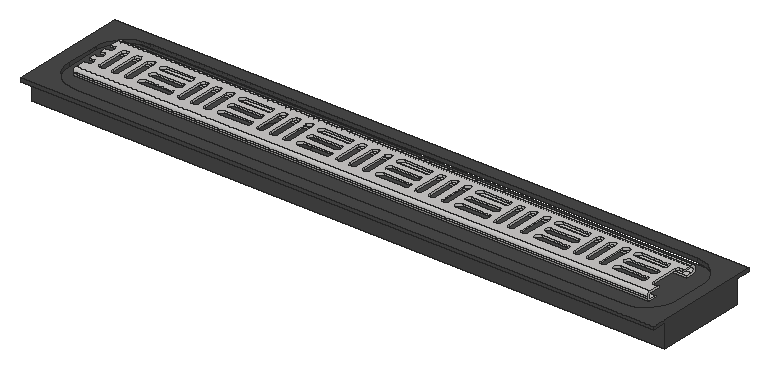
Revit family "Drain-Linear_CrossHatch_Noble_FreeStyle", category Plumbing Fixtures, host Face, Revit 2016
Family settings
  Host = Face
  Part Type = Normal
  Round Connector Dimension = Use Diameter
  OmniClass Number = 23.45.55.21
  OmniClass Title = Drains (Wastes)
  Cut with Voids When Loaded = No
  Shared = No
  Room Calculation Point = No
Parameters (values of type "24in ABS")
  Weight = "10 lbs"
  URL = "www.noblecompany.com"
  Type Comments = ""
  Product Properties = "http://www.noblecompany.com/Portals/0/PRODUCT%20INFO/Product%20Descriptions/FreeStyle%20Linear%20Drain%20Product%20Decription%200410.pdf"
  Product Data = "http://www.noblecompany.com/Products/ShowerProducts/tabid/59/Default.aspx"
  Plate = Stainless Steel - Brushed
  Model = "Freestyle 24 ABS - Cross Hatch"
  Manufacturer Phone - Toll Free = "800-878-5788"
  Manufacturer Phone = "231-799-8000"
  Manufacturer Fax = "231-799-8850"
  Manufacturer Email = "mailto:sales@noblecompany.com"
  Manufacturer Address = "7300 Enterprise Drive, Spring Lake, MI  49456 USA"
  Manufacturer = "Noble Company"
  Installation-Fabrication = "http://www.noblecompany.com/Portals/0/PRODUCT%20INFO/Product%20Descriptions/FreeStyle%20Linear%20Drain%20Product%20Decription%200410.pdf"
  GPM = 0 GPM
  Description = "Freestyle 24 ABS - Cross Hatch Linear Drain"
  Building Codes = "http://www.noblecompany.com/Portals/0/TECHNICAL%20INFO/Listing_Testing_Certification_Reports/PMG-1065%20Noble%20Company%20Linear%20Drain%20final%202.pdf"
  Base = ABS
  B = 21 3/4"
  Assembly Code = "D2030300"
  A = 24"
  Default Elevation = 0"
  D = 1 1/4"
  C = 15 3/4"
Types (14): name | Model | Description | Base | B | A | D | C
  24in ABS | "Freestyle 24 ABS - Cross Hatch" | "Freestyle 24 ABS - Cross Hatch Linear Drain" | ABS | 21 3/4" | 24" | 1 1/4" | 15 3/4"
  32in ABS | "Freestyle 32 ABS - Cross Hatch" | "Freestyle 32 ABS - Cross Hatch Linear Drain" | ABS | 29 3/4" | 32" | 1 3/8" | 19 1/2"
  36in ABS | "Freestyle 36 ABS - Cross Hatch" | "Freestyle 36 ABS - Cross Hatch Linear Drain" | ABS | 33 3/4" | 36" | 1 3/8" | 21 3/4"
  40in ABS | "Freestyle 40 ABS - Cross Hatch" | "Freestyle 40 ABS - Cross Hatch Linear Drain" | ABS | 37 3/4" | 40" | 1 7/16" | 23 3/4"
  48in ABS | "Freestyle 48 ABS - Cross Hatch" | "Freestyle 48 ABS - Cross Hatch Linear Drain" | ABS | 45 3/4" | 48" | 1 1/2" | 27 3/4"
  54in ABS | "Freestyle 54 ABS - Cross Hatch" | "Freestyle 54 ABS - Cross Hatch Linear Drain" | ABS | 51 3/4" | 54" | 1 9/16" | 30 3/4"
  60in ABS | "Freestyle 60 ABS - Cross Hatch" | "Freestyle 60 ABS - Cross Hatch Linear Drain" | ABS | 57 3/4" | 60" | 1 5/8" | 33 3/4"
  24in PVC | "Freestyle 24 PVC - Cross Hatch" | "Freestyle 24 PVC - Cross Hatch Linear Drain" | PVC | 21 3/4" | 24" | 1 1/4" | 15 3/4"
  32in PVC | "Freestyle 32 PVC - Cross Hatch" | "Freestyle 32 PVC - Cross Hatch Linear Drain" | PVC | 29 3/4" | 32" | 1 3/8" | 19 1/2"
  36in PVC | "Freestyle 36 PVC - Cross Hatch" | "Freestyle 36 PVC - Cross Hatch Linear Drain" | PVC | 33 3/4" | 36" | 1 3/8" | 21 3/4"
  40in PVC | "Freestyle 40 PVC - Cross Hatch" | "Freestyle 40 PVC - Cross Hatch Linear Drain" | PVC | 37 3/4" | 40" | 1 7/16" | 23 3/4"
  48in PVC | "Freestyle 48 PVC - Cross Hatch" | "Freestyle 48 PVC - Cross Hatch Linear Drain" | PVC | 45 3/4" | 48" | 1 1/2" | 27 3/4"
  54in PVC | "Freestyle 54 PVC - Cross Hatch" | "Freestyle 54 PVC - Cross Hatch Linear Drain" | PVC | 51 3/4" | 54" | 1 9/16" | 30 3/4"
  60in PVC | "Freestyle 60 PVC - Cross Hatch" | "Freestyle 60 PVC - Cross Hatch Linear Drain" | PVC | 57 3/4" | 60" | 1 5/8" | 33 3/4"
Reference planes (in)
  plane 1 "Center (Front/Back)": y = 0
  plane 2: z = 0
  plane 3 "Center (Left/Right)": x = 0
  plane 4: z = -1.25
  plane 5: z = -3.68399
  plane 6: z = -1.25
  plane 7: y = 1.6875
  plane 8: y = -1.6875
  plane 9: z = -0.375
  plane 10: y = 2.25
  plane 11: y = -2.25
  plane 12: z = -0.3125
  plane 13: x = 12
  plane 14: x = -12
  plane 15: x = 10.875
  plane 16: x = -3.75
  plane 17: x = -10.875
  plane 18: z = -0.125
Forms (in)
  Extrusion 1, void, detail levels medium+fine
    sketch origin (0, 0, 0) x (1, 0, 0) y (0, 1, 0)
      loop
        circle (-3.75, 0) r 1
    from -60 to 34.55449
  Extrusion 2, solid, material "ABS" <- "Base", detail levels medium+fine
    sketch origin (10.05986, 0, 0) x (0, 1, 0) y (0, 0, 1)
      loop
        line (2.25, -0.375) -> (2.25, -0.25) -> (-2.25, -0.25) -> (-2.25, -0.375) -> (-1.6875, -0.375) -> (-1.6875, -1.25) -> (1.6875, -1.25) -> (1.6875, -0.375) -> (2.25, -0.375)
    from -22.05986 to 1.94014
  Extrusion 3, void
    sketch origin (10.05986, 0, 0) x (1, 0, 0) y (0, 1, 0)
      loop
        arc (-20.37906, 1.769) -> (-21.18512, 1.43512) -> (-21.519, 0.62906) r 1.13994
        line (-21.519, 0.62906) -> (-21.519, -0.63005)
        arc (-21.519, -0.63005) -> (-21.18541, -1.43541) -> (-20.38005, -1.769) r 1.13895
        line (-20.38005, -1.769) -> (0.37931, -1.769)
        arc (0.37931, -1.769) -> (1.18519, -1.43519) -> (1.519, -0.62931) r 1.13969
        line (1.519, -0.62931) -> (1.519, 0.62118)
        arc (1.519, 0.62118) -> (1.18281, 1.43281) -> (0.37118, 1.769) r 1.14782
        line (0.37118, 1.769) -> (-20.37906, 1.769)
    from -0.375 to 0
  Extrusion 4, void
    sketch origin (0, 0, 0) x (1, 0, 0) y (0, 1, 0)
      loop
        line (11, 1.269) -> (-11, 1.269) -> (-11, -1.269) -> (11, -1.269) -> (11, 1.269)
    from -0.125 to 0
  Extrusion 5, void, detail levels fine
    sketch origin (0, 0, 0) x (0, 1, 0) y (0, 0, 1)
      loop
        line (2.25, -0.375) -> (2.25, -0.125) -> (-2.25, -0.125) -> (-2.25, -0.375) -> (-1.6875, -0.375) -> (-1.6875, -1.25) -> (1.6875, -1.25) -> (1.6875, -0.375) -> (2.25, -0.375)
    from -12 to 12
Cuts and joins
  Extrusion 1, Extrusion 3 cuts Extrusion 2
Lines and regions (in)
  model lines, detail levels coarse+medium
    curve 1: line (-3.75, 0, 0) -> (-3.75, 0, -1.25)
  model lines, style "PlumbingFixtures", detail levels coarse
    curve 2: line (-12, 2.25, 0) -> (-12, -2.25, 0)
    curve 3: line (-12, 2.25, 0) -> (12, 2.25, 0)
    curve 4: line (12, 2.25, 0) -> (12, -2.25, 0)
    curve 5: line (-12, -2.25, 0) -> (12, -2.25, 0)
    curve 6: line (12, 0, 0) -> (-12, 0, 0)
Dimensions and locks (in)
  "D": plane 2 to plane 4
  locked: plane 4 to plane 5 at 2.43399
  "D": plane 6 to level
  equal spacing: plane 7, plane 1 "Center (Front/Back)", plane 8, locked at 1.6875 each
  locked: plane 9 to level at 0.375
  plane 7 to plane 8 = 3 3/8"
  locked: plane 10 to plane 7 at 0.5625
  locked: plane 8 to plane 11 at 0.5625
  "A": plane 14 to plane 13
  locked: plane 15 to plane 13 at 1.125
  "C": plane 16 to plane 13
  locked: plane 14 to plane 17 at 1.125
  locked: Extrusion 3 sketch curve to plane 13 at 0.42114
  locked: plane 14 to Extrusion 3 sketch curve at 0.54086
  equal spacing: plane 14, plane 3 "Center (Left/Right)", plane 13
  locked: plane 9 to plane 12 at 0.0625
  locked: level to plane 18 at 0.125
  level to Extrusion 2 sketch curve = 1/4"
  locked: plane 15 to Extrusion 4 sketch curve at 0.125
  locked: Extrusion 4 sketch curve to plane 17 at 0.125
  radius of Extrusion 1 sketch curve = 1"
  aligned and locked: plane 2 to host face
  aligned and locked: level to host face
  aligned and locked: plane 1 "Center (Front/Back)" to Extrusion 1 sketch curve
  aligned and locked: plane 13 to Extrusion 2
  aligned and locked: plane 16 to Extrusion 1 sketch curve
  aligned and locked: plane 10 to Extrusion 5 sketch curve
  aligned and locked: plane 9 to Extrusion 5 sketch curve
  aligned and locked: plane 7 to Extrusion 5 sketch curve
  aligned and locked: plane 4 to Extrusion 5 sketch curve
  aligned and locked: plane 11 to Extrusion 5 sketch curve
  aligned and locked: Extrusion 5 sketch curve to plane 8
  aligned and locked: Extrusion 5 to plane 14
  aligned and locked: plane 13 to Extrusion 5
  aligned and locked: curve 6 to plane 1 "Center (Front/Back)"
  aligned and locked: plane 14 to curve 6
  aligned and locked: plane 13 to curve 6
  aligned and locked: curve 1 to plane 16
  aligned and locked: level to curve 1
  aligned and locked: plane 6 to curve 1
  aligned and locked: Extrusion 2 to plane 14
  aligned and locked: plane 3 "Center (Left/Right)" to nested 1
  aligned and locked: plane 1 "Center (Front/Back)" to nested 1
  aligned and locked: plane 12 to nested 1
  aligned and locked: plane 9 to Extrusion 3
  aligned and locked: Extrusion 4 to plane 18
  aligned and locked: level to Extrusion 4
Automatic sketch dimensions
  host sketch curve to host sketch curve = 48 1/4"
  host sketch curve to host sketch curve = 96"
  plane 9 to Extrusion 2 sketch curve = 0"  (x2)
  Extrusion 2 sketch curve to plane 11 = 0"
  Extrusion 2 sketch curve to plane 4 = 0"
  Extrusion 2 sketch curve to plane 8 = 0"
  Extrusion 2 sketch curve to plane 7 = 0"
  Extrusion 2 sketch curve to plane 10 = 0"
  Extrusion 3 sketch curve to plane 8 = 0.0815"
  plane 17 to Extrusion 3 sketch curve = 0.55481"
  Extrusion 3 sketch curve to plane 7 = 0.0815"
  plane 17 to Extrusion 3 sketch curve = 0.5558"
  Extrusion 3 sketch curve to plane 15 = 0.44396"
  Extrusion 3 sketch curve to plane 15 = 0.43583"
  curve 2 to plane 10 = 0"
  curve 5 to plane 11 = 0"
  plane 9 to Extrusion 5 sketch curve = 0"
  Extrusion 5 sketch curve to plane 18 = 0"
  plane 8 to Extrusion 4 sketch curve = 0.4185"
  plane 7 to Extrusion 4 sketch curve = 0.4185"
Nested families (in)
  nested 1: "Strainer" at (-12.24848, 0, -0.3125), type "24"", detail levels fine
    with Strainer Length 21 3/4"
Connectors (in)
  piping at (-3.75, 0, -1.25), diameter 2, driven by "GPM"
    settings: on cut or joined group of Extrusion 1, Extrusion 2, Extrusion 3, index 1, connector inside diameter 2", connector length 0", flow factor 0, pipe flow 0 GPM, pressure drop 0.00 psi, fitting loss kfactor 0, connector angle 0.00°, fixture units 0, engagement length 0", angle of deflection 0.00°, flow configuration 0, flow direction 2, fitting loss method 0, system type 16, joint type 0, gender type 0, connector reference index -1, connector utility 0, adjustable connector no, is connector primary yes, connector description ""
Definition of nested family "Strainer"
  Parameters
    Strainer Width = 2 1/4"
    Strainer Height = 5/16"
    Strainer Length = 26 1/4"
    Strainer Finish = none
  Reference planes (in)
    plane 1 "Center (Front/Back)": y = 0
    plane 2: z = 0
    plane 3 "Center (Left/Right)": x = 12.24848
    plane 4: y = 1.125
    plane 5: y = -1.125
    plane 6: x = 42.24848
    plane 7: x = -17.75152
    plane 8: z = 0.3125
    plane 9: x = -0.87652
    plane 10: x = 25.37348
  Forms (in)
    Extrusion 1, solid, material <- "Strainer Finish", detail levels medium+fine
      sketch origin (0, 0, 0) x (1, 0, 0) y (0, 1, 0)
        loop
          line (-16.62652, 1.1245) -> (-16.62652, -1.1245) -> (41.12348, -1.1245) -> (41.12348, 1.1245) -> (-16.62652, 1.1245)
        loop
          line (11.35785, 0.5) -> (11.35785, -0.5)
          arc (11.35785, -0.5) -> (11.49848, -0.64063) -> (11.6391, -0.5) r 0.14063
          line (11.6391, -0.5) -> (11.6391, 0.5)
          arc (11.6391, 0.5) -> (11.49848, 0.64062) -> (11.35785, 0.5) r 0.14063
        loop
          line (11.85785, 0.5) -> (11.85785, -0.5)
          arc (11.85785, -0.5) -> (11.99848, -0.64063) -> (12.1391, -0.5) r 0.14063
          line (12.1391, -0.5) -> (12.1391, 0.5)
          arc (12.1391, 0.5) -> (11.99848, 0.64062) -> (11.85785, 0.5) r 0.14063
        loop
          arc (11.1391, 0.5) -> (10.99848, 0.64062) -> (10.85785, 0.5) r 0.14063
          line (10.85785, 0.5) -> (10.85785, -0.5)
          arc (10.85785, -0.5) -> (10.99848, -0.64063) -> (11.1391, -0.5) r 0.14063
          line (11.1391, -0.5) -> (11.1391, 0.5)
        loop
          line (12.49848, -0.14063) -> (13.49848, -0.14063)
          arc (13.49848, -0.14063) -> (13.6391, 0) -> (13.49848, 0.14062) r 0.14063
          line (13.49848, 0.14062) -> (12.49848, 0.14062)
          arc (12.49848, 0.14062) -> (12.35785, 0) -> (12.49848, -0.14063) r 0.14063
        loop
          line (12.49848, 0.35937) -> (13.49848, 0.35937)
          arc (13.49848, 0.35937) -> (13.6391, 0.5) -> (13.49848, 0.64062) r 0.14063
          line (13.49848, 0.64062) -> (12.49848, 0.64062)
          arc (12.49848, 0.64062) -> (12.35785, 0.5) -> (12.49848, 0.35937) r 0.14063
        loop
          arc (12.49848, -0.35938) -> (12.35785, -0.5) -> (12.49848, -0.64063) r 0.14063
          line (12.49848, -0.64063) -> (13.49848, -0.64063)
          arc (13.49848, -0.64063) -> (13.6391, -0.5) -> (13.49848, -0.35938) r 0.14063
          line (13.49848, -0.35938) -> (12.49848, -0.35938)
        loop
          arc (14.6391, 0.5) -> (14.49848, 0.64062) -> (14.35785, 0.5) r 0.14063
          line (14.35785, 0.5) -> (14.35785, -0.5)
          arc (14.35785, -0.5) -> (14.49848, -0.64063) -> (14.6391, -0.5) r 0.14063
          line (14.6391, -0.5) -> (14.6391, 0.5)
        loop
          arc (14.1391, 0.5) -> (13.99848, 0.64062) -> (13.85785, 0.5) r 0.14063
          line (13.85785, 0.5) -> (13.85785, -0.5)
          arc (13.85785, -0.5) -> (13.99848, -0.64063) -> (14.1391, -0.5) r 0.14063
          line (14.1391, -0.5) -> (14.1391, 0.5)
        loop
          line (14.85785, 0.5) -> (14.85785, -0.5)
          arc (14.85785, -0.5) -> (14.99848, -0.64063) -> (15.1391, -0.5) r 0.14063
          line (15.1391, -0.5) -> (15.1391, 0.5)
          arc (15.1391, 0.5) -> (14.99848, 0.64062) -> (14.85785, 0.5) r 0.14063
        loop
          line (15.49848, -0.14063) -> (16.49848, -0.14063)
          arc (16.49848, -0.14063) -> (16.6391, 0) -> (16.49848, 0.14062) r 0.14063
          line (16.49848, 0.14062) -> (15.49848, 0.14062)
          arc (15.49848, 0.14062) -> (15.35785, 0) -> (15.49848, -0.14063) r 0.14063
        loop
          line (15.49848, 0.35937) -> (16.49848, 0.35937)
          arc (16.49848, 0.35937) -> (16.6391, 0.5) -> (16.49848, 0.64062) r 0.14063
          line (16.49848, 0.64062) -> (15.49848, 0.64062)
          arc (15.49848, 0.64062) -> (15.35785, 0.5) -> (15.49848, 0.35937) r 0.14063
        loop
          arc (15.49848, -0.35938) -> (15.35785, -0.5) -> (15.49848, -0.64063) r 0.14063
          line (15.49848, -0.64063) -> (16.49848, -0.64063)
          arc (16.49848, -0.64063) -> (16.6391, -0.5) -> (16.49848, -0.35938) r 0.14063
          line (16.49848, -0.35938) -> (15.49848, -0.35938)
        loop
          arc (17.6391, 0.5) -> (17.49848, 0.64062) -> (17.35785, 0.5) r 0.14063
          line (17.35785, 0.5) -> (17.35785, -0.5)
          arc (17.35785, -0.5) -> (17.49848, -0.64063) -> (17.6391, -0.5) r 0.14063
          line (17.6391, -0.5) -> (17.6391, 0.5)
        loop
          arc (17.1391, 0.5) -> (16.99848, 0.64062) -> (16.85785, 0.5) r 0.14063
          line (16.85785, 0.5) -> (16.85785, -0.5)
          arc (16.85785, -0.5) -> (16.99848, -0.64063) -> (17.1391, -0.5) r 0.14063
          line (17.1391, -0.5) -> (17.1391, 0.5)
        loop
          line (17.85785, 0.5) -> (17.85785, -0.5)
          arc (17.85785, -0.5) -> (17.99848, -0.64063) -> (18.1391, -0.5) r 0.14063
          line (18.1391, -0.5) -> (18.1391, 0.5)
          arc (18.1391, 0.5) -> (17.99848, 0.64062) -> (17.85785, 0.5) r 0.14063
        loop
          line (18.49848, -0.14063) -> (19.49848, -0.14063)
          arc (19.49848, -0.14063) -> (19.6391, 0) -> (19.49848, 0.14062) r 0.14063
          line (19.49848, 0.14062) -> (18.49848, 0.14062)
          arc (18.49848, 0.14062) -> (18.35785, 0) -> (18.49848, -0.14063) r 0.14063
        loop
          line (18.49848, 0.35937) -> (19.49848, 0.35937)
          arc (19.49848, 0.35937) -> (19.6391, 0.5) -> (19.49848, 0.64062) r 0.14063
          line (19.49848, 0.64062) -> (18.49848, 0.64062)
          arc (18.49848, 0.64062) -> (18.35785, 0.5) -> (18.49848, 0.35937) r 0.14063
        loop
          arc (18.49848, -0.35938) -> (18.35785, -0.5) -> (18.49848, -0.64063) r 0.14063
          line (18.49848, -0.64063) -> (19.49848, -0.64063)
          arc (19.49848, -0.64063) -> (19.6391, -0.5) -> (19.49848, -0.35938) r 0.14063
          line (19.49848, -0.35938) -> (18.49848, -0.35938)
        loop
          arc (20.6391, 0.5) -> (20.49848, 0.64062) -> (20.35785, 0.5) r 0.14063
          line (20.35785, 0.5) -> (20.35785, -0.5)
          arc (20.35785, -0.5) -> (20.49848, -0.64063) -> (20.6391, -0.5) r 0.14063
          line (20.6391, -0.5) -> (20.6391, 0.5)
        loop
          arc (20.1391, 0.5) -> (19.99848, 0.64062) -> (19.85785, 0.5) r 0.14063
          line (19.85785, 0.5) -> (19.85785, -0.5)
          arc (19.85785, -0.5) -> (19.99848, -0.64063) -> (20.1391, -0.5) r 0.14063
          line (20.1391, -0.5) -> (20.1391, 0.5)
        loop
          line (20.85785, 0.5) -> (20.85785, -0.5)
          arc (20.85785, -0.5) -> (20.99848, -0.64063) -> (21.1391, -0.5) r 0.14063
          line (21.1391, -0.5) -> (21.1391, 0.5)
          arc (21.1391, 0.5) -> (20.99848, 0.64062) -> (20.85785, 0.5) r 0.14063
        loop
          line (21.49848, -0.14063) -> (22.49848, -0.14063)
          arc (22.49848, -0.14063) -> (22.6391, 0) -> (22.49848, 0.14062) r 0.14063
          line (22.49848, 0.14062) -> (21.49848, 0.14062)
          arc (21.49848, 0.14062) -> (21.35785, 0) -> (21.49848, -0.14063) r 0.14063
        loop
          line (21.49848, 0.35937) -> (22.49848, 0.35937)
          arc (22.49848, 0.35937) -> (22.6391, 0.5) -> (22.49848, 0.64062) r 0.14063
          line (22.49848, 0.64062) -> (21.49848, 0.64062)
          arc (21.49848, 0.64062) -> (21.35785, 0.5) -> (21.49848, 0.35937) r 0.14063
        loop
          arc (21.49848, -0.35938) -> (21.35785, -0.5) -> (21.49848, -0.64063) r 0.14063
          line (21.49848, -0.64063) -> (22.49848, -0.64063)
          arc (22.49848, -0.64063) -> (22.6391, -0.5) -> (22.49848, -0.35938) r 0.14063
          line (22.49848, -0.35938) -> (21.49848, -0.35938)
        loop
          arc (23.6391, 0.5) -> (23.49848, 0.64062) -> (23.35785, 0.5) r 0.14063
          line (23.35785, 0.5) -> (23.35785, -0.5)
          arc (23.35785, -0.5) -> (23.49848, -0.64063) -> (23.6391, -0.5) r 0.14063
          line (23.6391, -0.5) -> (23.6391, 0.5)
        loop
          arc (23.1391, 0.5) -> (22.99848, 0.64062) -> (22.85785, 0.5) r 0.14063
          line (22.85785, 0.5) -> (22.85785, -0.5)
          arc (22.85785, -0.5) -> (22.99848, -0.64063) -> (23.1391, -0.5) r 0.14063
          line (23.1391, -0.5) -> (23.1391, 0.5)
        loop
          line (23.85785, 0.5) -> (23.85785, -0.5)
          arc (23.85785, -0.5) -> (23.99848, -0.64063) -> (24.1391, -0.5) r 0.14063
          line (24.1391, -0.5) -> (24.1391, 0.5)
          arc (24.1391, 0.5) -> (23.99848, 0.64062) -> (23.85785, 0.5) r 0.14063
        loop
          line (24.49848, -0.14063) -> (25.49848, -0.14063)
          arc (25.49848, -0.14063) -> (25.6391, 0) -> (25.49848, 0.14062) r 0.14063
          line (25.49848, 0.14062) -> (24.49848, 0.14062)
          arc (24.49848, 0.14062) -> (24.35785, 0) -> (24.49848, -0.14063) r 0.14063
        loop
          line (24.49848, 0.35937) -> (25.49848, 0.35937)
          arc (25.49848, 0.35937) -> (25.6391, 0.5) -> (25.49848, 0.64062) r 0.14063
          line (25.49848, 0.64062) -> (24.49848, 0.64062)
          arc (24.49848, 0.64062) -> (24.35785, 0.5) -> (24.49848, 0.35937) r 0.14063
        loop
          arc (24.49848, -0.35938) -> (24.35785, -0.5) -> (24.49848, -0.64063) r 0.14063
          line (24.49848, -0.64063) -> (25.49848, -0.64063)
          arc (25.49848, -0.64063) -> (25.6391, -0.5) -> (25.49848, -0.35938) r 0.14063
          line (25.49848, -0.35938) -> (24.49848, -0.35938)
        loop
          arc (26.6391, 0.5) -> (26.49848, 0.64062) -> (26.35785, 0.5) r 0.14063
          line (26.35785, 0.5) -> (26.35785, -0.5)
          arc (26.35785, -0.5) -> (26.49848, -0.64063) -> (26.6391, -0.5) r 0.14063
          line (26.6391, -0.5) -> (26.6391, 0.5)
        loop
          arc (26.1391, 0.5) -> (25.99848, 0.64062) -> (25.85785, 0.5) r 0.14063
          line (25.85785, 0.5) -> (25.85785, -0.5)
          arc (25.85785, -0.5) -> (25.99848, -0.64063) -> (26.1391, -0.5) r 0.14063
          line (26.1391, -0.5) -> (26.1391, 0.5)
        loop
          line (26.85785, 0.5) -> (26.85785, -0.5)
          arc (26.85785, -0.5) -> (26.99848, -0.64063) -> (27.1391, -0.5) r 0.14063
          line (27.1391, -0.5) -> (27.1391, 0.5)
          arc (27.1391, 0.5) -> (26.99848, 0.64062) -> (26.85785, 0.5) r 0.14063
        loop
          line (27.49848, -0.14063) -> (28.49848, -0.14063)
          arc (28.49848, -0.14063) -> (28.6391, 0) -> (28.49848, 0.14062) r 0.14063
          line (28.49848, 0.14062) -> (27.49848, 0.14062)
          arc (27.49848, 0.14062) -> (27.35785, 0) -> (27.49848, -0.14063) r 0.14063
        loop
          line (27.49848, 0.35937) -> (28.49848, 0.35937)
          arc (28.49848, 0.35937) -> (28.6391, 0.5) -> (28.49848, 0.64062) r 0.14063
          line (28.49848, 0.64062) -> (27.49848, 0.64062)
          arc (27.49848, 0.64062) -> (27.35785, 0.5) -> (27.49848, 0.35937) r 0.14063
        loop
          arc (27.49848, -0.35938) -> (27.35785, -0.5) -> (27.49848, -0.64063) r 0.14063
          line (27.49848, -0.64063) -> (28.49848, -0.64063)
          arc (28.49848, -0.64063) -> (28.6391, -0.5) -> (28.49848, -0.35938) r 0.14063
          line (28.49848, -0.35938) -> (27.49848, -0.35938)
        loop
          arc (29.6391, 0.5) -> (29.49848, 0.64062) -> (29.35785, 0.5) r 0.14063
          line (29.35785, 0.5) -> (29.35785, -0.5)
          arc (29.35785, -0.5) -> (29.49848, -0.64063) -> (29.6391, -0.5) r 0.14063
          line (29.6391, -0.5) -> (29.6391, 0.5)
        loop
          arc (29.1391, 0.5) -> (28.99848, 0.64062) -> (28.85785, 0.5) r 0.14063
          line (28.85785, 0.5) -> (28.85785, -0.5)
          arc (28.85785, -0.5) -> (28.99848, -0.64063) -> (29.1391, -0.5) r 0.14063
          line (29.1391, -0.5) -> (29.1391, 0.5)
        loop
          line (29.85785, 0.5) -> (29.85785, -0.5)
          arc (29.85785, -0.5) -> (29.99848, -0.64063) -> (30.1391, -0.5) r 0.14063
          line (30.1391, -0.5) -> (30.1391, 0.5)
          arc (30.1391, 0.5) -> (29.99848, 0.64062) -> (29.85785, 0.5) r 0.14063
        loop
          line (30.49848, -0.14063) -> (31.49848, -0.14063)
          arc (31.49848, -0.14063) -> (31.6391, 0) -> (31.49848, 0.14062) r 0.14063
          line (31.49848, 0.14062) -> (30.49848, 0.14062)
          arc (30.49848, 0.14062) -> (30.35785, 0) -> (30.49848, -0.14063) r 0.14063
        loop
          line (30.49848, 0.35937) -> (31.49848, 0.35937)
          arc (31.49848, 0.35937) -> (31.6391, 0.5) -> (31.49848, 0.64062) r 0.14063
          line (31.49848, 0.64062) -> (30.49848, 0.64062)
          arc (30.49848, 0.64062) -> (30.35785, 0.5) -> (30.49848, 0.35937) r 0.14063
        loop
          arc (30.49848, -0.35938) -> (30.35785, -0.5) -> (30.49848, -0.64063) r 0.14063
          line (30.49848, -0.64063) -> (31.49848, -0.64063)
          arc (31.49848, -0.64063) -> (31.6391, -0.5) -> (31.49848, -0.35938) r 0.14063
          line (31.49848, -0.35938) -> (30.49848, -0.35938)
        loop
          arc (32.6391, 0.5) -> (32.49848, 0.64062) -> (32.35785, 0.5) r 0.14063
          line (32.35785, 0.5) -> (32.35785, -0.5)
          arc (32.35785, -0.5) -> (32.49848, -0.64063) -> (32.6391, -0.5) r 0.14063
          line (32.6391, -0.5) -> (32.6391, 0.5)
        loop
          arc (32.1391, 0.5) -> (31.99848, 0.64062) -> (31.85785, 0.5) r 0.14063
          line (31.85785, 0.5) -> (31.85785, -0.5)
          arc (31.85785, -0.5) -> (31.99848, -0.64063) -> (32.1391, -0.5) r 0.14063
          line (32.1391, -0.5) -> (32.1391, 0.5)
        loop
          line (32.85785, 0.5) -> (32.85785, -0.5)
          arc (32.85785, -0.5) -> (32.99848, -0.64063) -> (33.1391, -0.5) r 0.14063
          line (33.1391, -0.5) -> (33.1391, 0.5)
          arc (33.1391, 0.5) -> (32.99848, 0.64062) -> (32.85785, 0.5) r 0.14063
        loop
          line (33.49848, -0.14063) -> (34.49848, -0.14063)
          arc (34.49848, -0.14063) -> (34.6391, 0) -> (34.49848, 0.14062) r 0.14063
          line (34.49848, 0.14062) -> (33.49848, 0.14062)
          arc (33.49848, 0.14062) -> (33.35785, 0) -> (33.49848, -0.14063) r 0.14063
        loop
          line (33.49848, 0.35937) -> (34.49848, 0.35937)
          arc (34.49848, 0.35937) -> (34.6391, 0.5) -> (34.49848, 0.64062) r 0.14063
          line (34.49848, 0.64062) -> (33.49848, 0.64062)
          arc (33.49848, 0.64062) -> (33.35785, 0.5) -> (33.49848, 0.35937) r 0.14063
        loop
          arc (33.49848, -0.35938) -> (33.35785, -0.5) -> (33.49848, -0.64063) r 0.14063
          line (33.49848, -0.64063) -> (34.49848, -0.64063)
          arc (34.49848, -0.64063) -> (34.6391, -0.5) -> (34.49848, -0.35938) r 0.14063
          line (34.49848, -0.35938) -> (33.49848, -0.35938)
        loop
          arc (35.6391, 0.5) -> (35.49848, 0.64062) -> (35.35785, 0.5) r 0.14063
          line (35.35785, 0.5) -> (35.35785, -0.5)
          arc (35.35785, -0.5) -> (35.49848, -0.64063) -> (35.6391, -0.5) r 0.14063
          line (35.6391, -0.5) -> (35.6391, 0.5)
        loop
          arc (35.1391, 0.5) -> (34.99848, 0.64062) -> (34.85785, 0.5) r 0.14063
          line (34.85785, 0.5) -> (34.85785, -0.5)
          arc (34.85785, -0.5) -> (34.99848, -0.64063) -> (35.1391, -0.5) r 0.14063
          line (35.1391, -0.5) -> (35.1391, 0.5)
        loop
          line (35.85785, 0.5) -> (35.85785, -0.5)
          arc (35.85785, -0.5) -> (35.99848, -0.64063) -> (36.1391, -0.5) r 0.14063
          line (36.1391, -0.5) -> (36.1391, 0.5)
          arc (36.1391, 0.5) -> (35.99848, 0.64062) -> (35.85785, 0.5) r 0.14063
        loop
          line (36.49848, -0.14063) -> (37.49848, -0.14063)
          arc (37.49848, -0.14063) -> (37.6391, 0) -> (37.49848, 0.14062) r 0.14063
          line (37.49848, 0.14062) -> (36.49848, 0.14062)
          arc (36.49848, 0.14062) -> (36.35785, 0) -> (36.49848, -0.14063) r 0.14063
        loop
          line (36.49848, 0.35937) -> (37.49848, 0.35937)
          arc (37.49848, 0.35937) -> (37.6391, 0.5) -> (37.49848, 0.64062) r 0.14063
          line (37.49848, 0.64062) -> (36.49848, 0.64062)
          arc (36.49848, 0.64062) -> (36.35785, 0.5) -> (36.49848, 0.35937) r 0.14063
        loop
          arc (36.49848, -0.35938) -> (36.35785, -0.5) -> (36.49848, -0.64063) r 0.14063
          line (36.49848, -0.64063) -> (37.49848, -0.64063)
          arc (37.49848, -0.64063) -> (37.6391, -0.5) -> (37.49848, -0.35938) r 0.14063
          line (37.49848, -0.35938) -> (36.49848, -0.35938)
        loop
          arc (38.6391, 0.5) -> (38.49848, 0.64062) -> (38.35785, 0.5) r 0.14063
          line (38.35785, 0.5) -> (38.35785, -0.5)
          arc (38.35785, -0.5) -> (38.49848, -0.64063) -> (38.6391, -0.5) r 0.14063
          line (38.6391, -0.5) -> (38.6391, 0.5)
        loop
          arc (38.1391, 0.5) -> (37.99848, 0.64062) -> (37.85785, 0.5) r 0.14063
          line (37.85785, 0.5) -> (37.85785, -0.5)
          arc (37.85785, -0.5) -> (37.99848, -0.64063) -> (38.1391, -0.5) r 0.14063
          line (38.1391, -0.5) -> (38.1391, 0.5)
        loop
          line (38.85785, 0.5) -> (38.85785, -0.5)
          arc (38.85785, -0.5) -> (38.99848, -0.64063) -> (39.1391, -0.5) r 0.14063
          line (39.1391, -0.5) -> (39.1391, 0.5)
          arc (39.1391, 0.5) -> (38.99848, 0.64062) -> (38.85785, 0.5) r 0.14063
        loop
          line (39.49848, -0.14063) -> (40.49848, -0.14063)
          arc (40.49848, -0.14063) -> (40.6391, 0) -> (40.49848, 0.14062) r 0.14063
          line (40.49848, 0.14062) -> (39.49848, 0.14062)
          arc (39.49848, 0.14062) -> (39.35785, 0) -> (39.49848, -0.14063) r 0.14063
        loop
          line (39.49848, 0.35937) -> (40.49848, 0.35937)
          arc (40.49848, 0.35937) -> (40.6391, 0.5) -> (40.49848, 0.64062) r 0.14063
          line (40.49848, 0.64062) -> (39.49848, 0.64062)
          arc (39.49848, 0.64062) -> (39.35785, 0.5) -> (39.49848, 0.35937) r 0.14063
        loop
          arc (39.49848, -0.35938) -> (39.35785, -0.5) -> (39.49848, -0.64063) r 0.14063
          line (39.49848, -0.64063) -> (40.49848, -0.64063)
          arc (40.49848, -0.64063) -> (40.6391, -0.5) -> (40.49848, -0.35938) r 0.14063
          line (40.49848, -0.35938) -> (39.49848, -0.35938)
        loop
          arc (10.49848, -0.14063) -> (10.6391, 0) -> (10.49848, 0.14062) r 0.14063
          line (10.49848, 0.14062) -> (9.49848, 0.14063)
          arc (9.49848, 0.14063) -> (9.35785, 0) -> (9.49848, -0.14063) r 0.14063
          line (9.49848, -0.14063) -> (10.49848, -0.14063)
        loop
          arc (10.49848, 0.35937) -> (10.6391, 0.5) -> (10.49848, 0.64062) r 0.14063
          line (10.49848, 0.64062) -> (9.49848, 0.64062)
          arc (9.49848, 0.64062) -> (9.35785, 0.5) -> (9.49848, 0.35937) r 0.14063
          line (9.49848, 0.35937) -> (10.49848, 0.35937)
        loop
          line (10.49848, -0.35938) -> (9.49848, -0.35938)
          arc (9.49848, -0.35938) -> (9.35785, -0.5) -> (9.49848, -0.64063) r 0.14063
          line (9.49848, -0.64063) -> (10.49848, -0.64063)
          arc (10.49848, -0.64063) -> (10.6391, -0.5) -> (10.49848, -0.35938) r 0.14063
        loop
          line (8.35785, 0.5) -> (8.35785, -0.5)
          arc (8.35785, -0.5) -> (8.49848, -0.64063) -> (8.6391, -0.5) r 0.14063
          line (8.6391, -0.5) -> (8.6391, 0.5)
          arc (8.6391, 0.5) -> (8.49848, 0.64062) -> (8.35785, 0.5) r 0.14063
        loop
          line (8.85785, 0.5) -> (8.85785, -0.5)
          arc (8.85785, -0.5) -> (8.99848, -0.64063) -> (9.1391, -0.5) r 0.14063
          line (9.1391, -0.5) -> (9.1391, 0.5)
          arc (9.1391, 0.5) -> (8.99848, 0.64062) -> (8.85785, 0.5) r 0.14063
        loop
          arc (8.1391, 0.5) -> (7.99848, 0.64062) -> (7.85785, 0.5) r 0.14063
          line (7.85785, 0.5) -> (7.85785, -0.5)
          arc (7.85785, -0.5) -> (7.99848, -0.64063) -> (8.1391, -0.5) r 0.14063
          line (8.1391, -0.5) -> (8.1391, 0.5)
        loop
          arc (7.49848, -0.14063) -> (7.6391, 0) -> (7.49848, 0.14062) r 0.14063
          line (7.49848, 0.14062) -> (6.49848, 0.14063)
          arc (6.49848, 0.14063) -> (6.35785, 0) -> (6.49848, -0.14063) r 0.14063
          line (6.49848, -0.14063) -> (7.49848, -0.14063)
        loop
          arc (7.49848, 0.35937) -> (7.6391, 0.5) -> (7.49848, 0.64062) r 0.14063
          line (7.49848, 0.64062) -> (6.49848, 0.64062)
          arc (6.49848, 0.64062) -> (6.35785, 0.5) -> (6.49848, 0.35937) r 0.14063
          line (6.49848, 0.35937) -> (7.49848, 0.35937)
        loop
          line (7.49848, -0.35938) -> (6.49848, -0.35938)
          arc (6.49848, -0.35938) -> (6.35785, -0.5) -> (6.49848, -0.64063) r 0.14063
          line (6.49848, -0.64063) -> (7.49848, -0.64063)
          arc (7.49848, -0.64063) -> (7.6391, -0.5) -> (7.49848, -0.35938) r 0.14063
        loop
          line (5.35785, 0.5) -> (5.35785, -0.5)
          arc (5.35785, -0.5) -> (5.49848, -0.64063) -> (5.6391, -0.5) r 0.14063
          line (5.6391, -0.5) -> (5.6391, 0.5)
          arc (5.6391, 0.5) -> (5.49848, 0.64062) -> (5.35785, 0.5) r 0.14063
        loop
          line (5.85785, 0.5) -> (5.85785, -0.5)
          arc (5.85785, -0.5) -> (5.99848, -0.64063) -> (6.1391, -0.5) r 0.14063
          line (6.1391, -0.5) -> (6.1391, 0.5)
          arc (6.1391, 0.5) -> (5.99848, 0.64062) -> (5.85785, 0.5) r 0.14063
        loop
          arc (5.1391, 0.5) -> (4.99848, 0.64062) -> (4.85785, 0.5) r 0.14063
          line (4.85785, 0.5) -> (4.85785, -0.5)
          arc (4.85785, -0.5) -> (4.99848, -0.64063) -> (5.1391, -0.5) r 0.14063
          line (5.1391, -0.5) -> (5.1391, 0.5)
        loop
          arc (4.49848, -0.14063) -> (4.6391, 0) -> (4.49848, 0.14062) r 0.14063
          line (4.49848, 0.14062) -> (3.49848, 0.14063)
          arc (3.49848, 0.14063) -> (3.35785, 0) -> (3.49848, -0.14063) r 0.14063
          line (3.49848, -0.14063) -> (4.49848, -0.14063)
        loop
          arc (4.49848, 0.35937) -> (4.6391, 0.5) -> (4.49848, 0.64062) r 0.14063
          line (4.49848, 0.64062) -> (3.49848, 0.64062)
          arc (3.49848, 0.64062) -> (3.35785, 0.5) -> (3.49848, 0.35937) r 0.14063
          line (3.49848, 0.35937) -> (4.49848, 0.35937)
        loop
          line (4.49848, -0.35938) -> (3.49848, -0.35938)
          arc (3.49848, -0.35938) -> (3.35785, -0.5) -> (3.49848, -0.64063) r 0.14063
          line (3.49848, -0.64063) -> (4.49848, -0.64063)
          arc (4.49848, -0.64063) -> (4.6391, -0.5) -> (4.49848, -0.35938) r 0.14063
        loop
          line (2.35785, 0.5) -> (2.35785, -0.5)
          arc (2.35785, -0.5) -> (2.49848, -0.64063) -> (2.6391, -0.5) r 0.14063
          line (2.6391, -0.5) -> (2.6391, 0.5)
          arc (2.6391, 0.5) -> (2.49848, 0.64062) -> (2.35785, 0.5) r 0.14063
        loop
          line (2.85785, 0.5) -> (2.85785, -0.5)
          arc (2.85785, -0.5) -> (2.99848, -0.64063) -> (3.1391, -0.5) r 0.14063
          line (3.1391, -0.5) -> (3.1391, 0.5)
          arc (3.1391, 0.5) -> (2.99848, 0.64062) -> (2.85785, 0.5) r 0.14063
        loop
          arc (2.1391, 0.5) -> (1.99848, 0.64062) -> (1.85785, 0.5) r 0.14063
          line (1.85785, 0.5) -> (1.85785, -0.5)
          arc (1.85785, -0.5) -> (1.99848, -0.64063) -> (2.1391, -0.5) r 0.14063
          line (2.1391, -0.5) -> (2.1391, 0.5)
        loop
          arc (1.49848, -0.14063) -> (1.6391, 0) -> (1.49848, 0.14062) r 0.14063
          line (1.49848, 0.14062) -> (0.49848, 0.14063)
          arc (0.49848, 0.14063) -> (0.35785, 0) -> (0.49848, -0.14063) r 0.14063
          line (0.49848, -0.14063) -> (1.49848, -0.14063)
        loop
          arc (1.49848, 0.35937) -> (1.6391, 0.5) -> (1.49848, 0.64062) r 0.14063
          line (1.49848, 0.64062) -> (0.49848, 0.64062)
          arc (0.49848, 0.64062) -> (0.35785, 0.5) -> (0.49848, 0.35937) r 0.14063
          line (0.49848, 0.35937) -> (1.49848, 0.35937)
        loop
          line (1.49848, -0.35938) -> (0.49848, -0.35938)
          arc (0.49848, -0.35938) -> (0.35785, -0.5) -> (0.49848, -0.64063) r 0.14063
          line (0.49848, -0.64063) -> (1.49848, -0.64063)
          arc (1.49848, -0.64063) -> (1.6391, -0.5) -> (1.49848, -0.35938) r 0.14063
        loop
          line (-0.64215, 0.5) -> (-0.64215, -0.5)
          arc (-0.64215, -0.5) -> (-0.50152, -0.64063) -> (-0.3609, -0.5) r 0.14063
          line (-0.3609, -0.5) -> (-0.3609, 0.5)
          arc (-0.3609, 0.5) -> (-0.50152, 0.64062) -> (-0.64215, 0.5) r 0.14063
        loop
          line (-0.14215, 0.5) -> (-0.14215, -0.5)
          arc (-0.14215, -0.5) -> (-0.00152, -0.64063) -> (0.1391, -0.5) r 0.14063
          line (0.1391, -0.5) -> (0.1391, 0.5)
          arc (0.1391, 0.5) -> (-0.00152, 0.64062) -> (-0.14215, 0.5) r 0.14063
        loop
          arc (-0.8609, 0.5) -> (-1.00152, 0.64062) -> (-1.14215, 0.5) r 0.14063
          line (-1.14215, 0.5) -> (-1.14215, -0.5)
          arc (-1.14215, -0.5) -> (-1.00152, -0.64063) -> (-0.8609, -0.5) r 0.14063
          line (-0.8609, -0.5) -> (-0.8609, 0.5)
        loop
          arc (-1.50152, -0.14063) -> (-1.3609, 0) -> (-1.50152, 0.14062) r 0.14063
          line (-1.50152, 0.14062) -> (-2.50152, 0.14063)
          arc (-2.50152, 0.14063) -> (-2.64215, 0) -> (-2.50152, -0.14063) r 0.14063
          line (-2.50152, -0.14063) -> (-1.50152, -0.14063)
        loop
          arc (-1.50152, 0.35937) -> (-1.3609, 0.5) -> (-1.50152, 0.64062) r 0.14063
          line (-1.50152, 0.64062) -> (-2.50152, 0.64062)
          arc (-2.50152, 0.64062) -> (-2.64215, 0.5) -> (-2.50152, 0.35937) r 0.14063
          line (-2.50152, 0.35937) -> (-1.50152, 0.35937)
        loop
          line (-1.50152, -0.35938) -> (-2.50152, -0.35938)
          arc (-2.50152, -0.35938) -> (-2.64215, -0.5) -> (-2.50152, -0.64063) r 0.14063
          line (-2.50152, -0.64063) -> (-1.50152, -0.64063)
          arc (-1.50152, -0.64063) -> (-1.3609, -0.5) -> (-1.50152, -0.35938) r 0.14063
        loop
          line (-3.64215, 0.5) -> (-3.64215, -0.5)
          arc (-3.64215, -0.5) -> (-3.50152, -0.64063) -> (-3.3609, -0.5) r 0.14063
          line (-3.3609, -0.5) -> (-3.3609, 0.5)
          arc (-3.3609, 0.5) -> (-3.50152, 0.64062) -> (-3.64215, 0.5) r 0.14063
        loop
          line (-3.14215, 0.5) -> (-3.14215, -0.5)
          arc (-3.14215, -0.5) -> (-3.00152, -0.64063) -> (-2.8609, -0.5) r 0.14063
          line (-2.8609, -0.5) -> (-2.8609, 0.5)
          arc (-2.8609, 0.5) -> (-3.00152, 0.64062) -> (-3.14215, 0.5) r 0.14063
        loop
          arc (-3.8609, 0.5) -> (-4.00152, 0.64062) -> (-4.14215, 0.5) r 0.14063
          line (-4.14215, 0.5) -> (-4.14215, -0.5)
          arc (-4.14215, -0.5) -> (-4.00152, -0.64063) -> (-3.8609, -0.5) r 0.14063
          line (-3.8609, -0.5) -> (-3.8609, 0.5)
        loop
          arc (-4.50152, -0.14063) -> (-4.3609, 0) -> (-4.50152, 0.14062) r 0.14063
          line (-4.50152, 0.14062) -> (-5.50152, 0.14063)
          arc (-5.50152, 0.14063) -> (-5.64215, 0) -> (-5.50152, -0.14063) r 0.14063
          line (-5.50152, -0.14063) -> (-4.50152, -0.14063)
        loop
          arc (-4.50152, 0.35937) -> (-4.3609, 0.5) -> (-4.50152, 0.64062) r 0.14063
          line (-4.50152, 0.64062) -> (-5.50152, 0.64062)
          arc (-5.50152, 0.64062) -> (-5.64215, 0.5) -> (-5.50152, 0.35937) r 0.14063
          line (-5.50152, 0.35937) -> (-4.50152, 0.35937)
        loop
          line (-4.50152, -0.35938) -> (-5.50152, -0.35938)
          arc (-5.50152, -0.35938) -> (-5.64215, -0.5) -> (-5.50152, -0.64063) r 0.14063
          line (-5.50152, -0.64063) -> (-4.50152, -0.64063)
          arc (-4.50152, -0.64063) -> (-4.3609, -0.5) -> (-4.50152, -0.35938) r 0.14063
        loop
          line (-6.64215, 0.5) -> (-6.64215, -0.5)
          arc (-6.64215, -0.5) -> (-6.50152, -0.64063) -> (-6.3609, -0.5) r 0.14063
          line (-6.3609, -0.5) -> (-6.3609, 0.5)
          arc (-6.3609, 0.5) -> (-6.50152, 0.64062) -> (-6.64215, 0.5) r 0.14063
        loop
          line (-6.14215, 0.5) -> (-6.14215, -0.5)
          arc (-6.14215, -0.5) -> (-6.00152, -0.64063) -> (-5.8609, -0.5) r 0.14063
          line (-5.8609, -0.5) -> (-5.8609, 0.5)
          arc (-5.8609, 0.5) -> (-6.00152, 0.64062) -> (-6.14215, 0.5) r 0.14063
        loop
          arc (-6.8609, 0.5) -> (-7.00152, 0.64062) -> (-7.14215, 0.5) r 0.14063
          line (-7.14215, 0.5) -> (-7.14215, -0.5)
          arc (-7.14215, -0.5) -> (-7.00152, -0.64063) -> (-6.8609, -0.5) r 0.14063
          line (-6.8609, -0.5) -> (-6.8609, 0.5)
        loop
          arc (-7.50152, -0.14063) -> (-7.3609, 0) -> (-7.50152, 0.14062) r 0.14063
          line (-7.50152, 0.14062) -> (-8.50152, 0.14063)
          arc (-8.50152, 0.14063) -> (-8.64215, 0) -> (-8.50152, -0.14063) r 0.14063
          line (-8.50152, -0.14063) -> (-7.50152, -0.14063)
        loop
          arc (-7.50152, 0.35937) -> (-7.3609, 0.5) -> (-7.50152, 0.64062) r 0.14063
          line (-7.50152, 0.64062) -> (-8.50152, 0.64062)
          arc (-8.50152, 0.64062) -> (-8.64215, 0.5) -> (-8.50152, 0.35937) r 0.14063
          line (-8.50152, 0.35937) -> (-7.50152, 0.35937)
        loop
          line (-7.50152, -0.35938) -> (-8.50152, -0.35938)
          arc (-8.50152, -0.35938) -> (-8.64215, -0.5) -> (-8.50152, -0.64063) r 0.14063
          line (-8.50152, -0.64063) -> (-7.50152, -0.64063)
          arc (-7.50152, -0.64063) -> (-7.3609, -0.5) -> (-7.50152, -0.35938) r 0.14063
        loop
          line (-9.64215, 0.5) -> (-9.64215, -0.5)
          arc (-9.64215, -0.5) -> (-9.50152, -0.64063) -> (-9.3609, -0.5) r 0.14063
          line (-9.3609, -0.5) -> (-9.3609, 0.5)
          arc (-9.3609, 0.5) -> (-9.50152, 0.64062) -> (-9.64215, 0.5) r 0.14063
        loop
          line (-9.14215, 0.5) -> (-9.14215, -0.5)
          arc (-9.14215, -0.5) -> (-9.00152, -0.64063) -> (-8.8609, -0.5) r 0.14063
          line (-8.8609, -0.5) -> (-8.8609, 0.5)
          arc (-8.8609, 0.5) -> (-9.00152, 0.64062) -> (-9.14215, 0.5) r 0.14063
        loop
          arc (-9.8609, 0.5) -> (-10.00152, 0.64062) -> (-10.14215, 0.5) r 0.14063
          line (-10.14215, 0.5) -> (-10.14215, -0.5)
          arc (-10.14215, -0.5) -> (-10.00152, -0.64063) -> (-9.8609, -0.5) r 0.14063
          line (-9.8609, -0.5) -> (-9.8609, 0.5)
        loop
          arc (-10.50152, -0.14063) -> (-10.3609, 0) -> (-10.50152, 0.14062) r 0.14063
          line (-10.50152, 0.14062) -> (-11.50152, 0.14063)
          arc (-11.50152, 0.14063) -> (-11.64215, 0) -> (-11.50152, -0.14063) r 0.14063
          line (-11.50152, -0.14063) -> (-10.50152, -0.14063)
        loop
          arc (-10.50152, 0.35937) -> (-10.3609, 0.5) -> (-10.50152, 0.64062) r 0.14063
          line (-10.50152, 0.64062) -> (-11.50152, 0.64062)
          arc (-11.50152, 0.64062) -> (-11.64215, 0.5) -> (-11.50152, 0.35937) r 0.14063
          line (-11.50152, 0.35937) -> (-10.50152, 0.35937)
        loop
          line (-10.50152, -0.35938) -> (-11.50152, -0.35938)
          arc (-11.50152, -0.35938) -> (-11.64215, -0.5) -> (-11.50152, -0.64063) r 0.14063
          line (-11.50152, -0.64063) -> (-10.50152, -0.64063)
          arc (-10.50152, -0.64063) -> (-10.3609, -0.5) -> (-10.50152, -0.35938) r 0.14063
        loop
          line (-12.64215, 0.5) -> (-12.64215, -0.5)
          arc (-12.64215, -0.5) -> (-12.50152, -0.64063) -> (-12.3609, -0.5) r 0.14063
          line (-12.3609, -0.5) -> (-12.3609, 0.5)
          arc (-12.3609, 0.5) -> (-12.50152, 0.64062) -> (-12.64215, 0.5) r 0.14063
        loop
          line (-12.14215, 0.5) -> (-12.14215, -0.5)
          arc (-12.14215, -0.5) -> (-12.00152, -0.64063) -> (-11.8609, -0.5) r 0.14063
          line (-11.8609, -0.5) -> (-11.8609, 0.5)
          arc (-11.8609, 0.5) -> (-12.00152, 0.64062) -> (-12.14215, 0.5) r 0.14063
        loop
          arc (-12.8609, 0.5) -> (-13.00152, 0.64062) -> (-13.14215, 0.5) r 0.14063
          line (-13.14215, 0.5) -> (-13.14215, -0.5)
          arc (-13.14215, -0.5) -> (-13.00152, -0.64063) -> (-12.8609, -0.5) r 0.14063
          line (-12.8609, -0.5) -> (-12.8609, 0.5)
        loop
          arc (-13.50152, -0.14063) -> (-13.3609, 0) -> (-13.50152, 0.14062) r 0.14063
          line (-13.50152, 0.14062) -> (-14.50152, 0.14063)
          arc (-14.50152, 0.14063) -> (-14.64215, 0) -> (-14.50152, -0.14063) r 0.14063
          line (-14.50152, -0.14063) -> (-13.50152, -0.14063)
        loop
          arc (-13.50152, 0.35937) -> (-13.3609, 0.5) -> (-13.50152, 0.64062) r 0.14063
          line (-13.50152, 0.64062) -> (-14.50152, 0.64062)
          arc (-14.50152, 0.64062) -> (-14.64215, 0.5) -> (-14.50152, 0.35937) r 0.14063
          line (-14.50152, 0.35937) -> (-13.50152, 0.35937)
        loop
          line (-13.50152, -0.35938) -> (-14.50152, -0.35938)
          arc (-14.50152, -0.35938) -> (-14.64215, -0.5) -> (-14.50152, -0.64063) r 0.14063
          line (-14.50152, -0.64063) -> (-13.50152, -0.64063)
          arc (-13.50152, -0.64063) -> (-13.3609, -0.5) -> (-13.50152, -0.35938) r 0.14063
        loop
          line (-15.64215, 0.5) -> (-15.64215, -0.5)
          arc (-15.64215, -0.5) -> (-15.50152, -0.64063) -> (-15.3609, -0.5) r 0.14063
          line (-15.3609, -0.5) -> (-15.3609, 0.5)
          arc (-15.3609, 0.5) -> (-15.50152, 0.64062) -> (-15.64215, 0.5) r 0.14063
        loop
          line (-15.14215, 0.5) -> (-15.14215, -0.5)
          arc (-15.14215, -0.5) -> (-15.00152, -0.64063) -> (-14.8609, -0.5) r 0.14063
          line (-14.8609, -0.5) -> (-14.8609, 0.5)
          arc (-14.8609, 0.5) -> (-15.00152, 0.64062) -> (-15.14215, 0.5) r 0.14063
        loop
          arc (-15.8609, 0.5) -> (-16.00152, 0.64062) -> (-16.14215, 0.5) r 0.14063
          line (-16.14215, 0.5) -> (-16.14215, -0.5)
          arc (-16.14215, -0.5) -> (-16.00152, -0.64063) -> (-15.8609, -0.5) r 0.14063
          line (-15.8609, -0.5) -> (-15.8609, 0.5)
      from 0 to 0.3125
    Extrusion 2, void
      sketch origin (12.24848, 0, 0) x (0, 1, 0) y (0, 0, 1)
        loop
          line (1.1245, 0.3125) -> (0.9995, 0.3125)
          arc (0.9995, 0.3125) -> (1.08789, 0.27589) -> (1.1245, 0.1875) r 0.125
          line (1.1245, 0.1875) -> (1.1245, 0.3125)
        loop
          line (-1.1245, 0.3125) -> (-1.1245, 0.1875)
          arc (-1.1245, 0.1875) -> (-1.08789, 0.27589) -> (-0.9995, 0.3125) r 0.125
          line (-0.9995, 0.3125) -> (-1.1245, 0.3125)
        loop
          line (1.1245, 0) -> (1.1245, 0.125)
          arc (1.1245, 0.125) -> (1.08789, 0.03661) -> (0.9995, 0) r 0.125
          line (0.9995, 0) -> (1.1245, 0)
        loop
          line (-1.1245, 0) -> (-0.9995, 0)
          arc (-0.9995, 0) -> (-1.08789, 0.03661) -> (-1.1245, 0.125) r 0.125
          line (-1.1245, 0.125) -> (-1.1245, 0)
        loop
          line (-0.75, 0) -> (0.75, 0) -> (0.75, 0.0625) -> (0.9995, 0.0625)
          arc (0.9995, 0.0625) -> (1.06302, 0.15625) -> (0.9995, 0.25) r 0.10095
          line (0.9995, 0.25) -> (-0.9995, 0.25)
          arc (-0.9995, 0.25) -> (-1.06302, 0.15625) -> (-0.9995, 0.0625) r 0.10095
          line (-0.9995, 0.0625) -> (-0.75, 0.0625) -> (-0.75, 0)
      from -30 to 30
    Extrusion 3, void
      sketch origin (0, 0, 0) x (1, 0, 0) y (0, 1, 0)
        loop
          line (-17.75152, 1.25) -> (-17.75152, -1.25) -> (-0.87652, -1.25) -> (-0.87652, 1.25) -> (-17.75152, 1.25)
        loop
          line (25.37348, 1.25) -> (25.37348, -1.25) -> (42.24848, -1.25) -> (42.24848, 1.25) -> (25.37348, 1.25)
      from 0 to 0.3125
  Cuts and joins
    Extrusion 2, Extrusion 3 cuts Extrusion 1
  Dimensions and locks (in)
    locked: Extrusion 1 sketch curve to Extrusion 1 sketch curve at 57.75
    equal spacing: plane 5, plane 1 "Center (Front/Back)", plane 4
    "Strainer Width": plane 4 to plane 5
    "Strainer Height": plane 8 to level
    Extrusion 2 to level = 5/16"
    plane 7 to plane 3 "Center (Left/Right)" to plane 6 = 30" locked, 30" locked
    Extrusion 3 sketch curve to plane 1 "Center (Front/Back)" to Extrusion 3 sketch curve = 1 1/4" locked, 1 1/4" locked  (x2)
    equal spacing: plane 9, plane 3 "Center (Left/Right)", plane 10
    "Strainer Length": plane 9 to plane 10
    aligned and locked: plane 8 to Extrusion 1
    aligned and locked: Extrusion 2 to plane 7
    aligned and locked: plane 6 to Extrusion 2
    aligned and locked: plane 7 to Extrusion 3 sketch curve
    aligned and locked: Extrusion 3 sketch curve to plane 6
    aligned and locked: plane 8 to cut or joined group of Extrusion 1, Extrusion 2, Extrusion 3
    aligned and locked: Extrusion 3 to plane 10
    aligned and locked: plane 9 to Extrusion 3
  Automatic sketch dimensions
    Extrusion 2 sketch curve to plane 8 = 0"  (x2)
    Extrusion 2 sketch curve to level = 0"  (x3)
    plane 5 to Extrusion 2 sketch curve = 0.0005"  (x2)
    Extrusion 2 sketch curve to Extrusion 2 sketch curve = 1/8"  (x2)
    Extrusion 2 sketch curve to Extrusion 2 sketch curve = 0"  (x4)
    Extrusion 2 sketch curve to Extrusion 2 sketch curve = 0.03743"  (x3)
    level to Extrusion 2 sketch curve = 1/16"  (x2)
    Extrusion 2 sketch curve to Extrusion 2 sketch curve = 0.21207"
    Extrusion 2 sketch curve to plane 4 = 3/8"
    Extrusion 2 sketch curve to plane 4 = 0.16293"
    Extrusion 2 sketch curve to plane 4 = 0.0005"  (x2)
    Extrusion 2 sketch curve to Extrusion 2 sketch curve = 1/32"
    Extrusion 3 sketch curve to plane 6 = 16 7/8"
    Extrusion 3 sketch curve to Extrusion 3 sketch curve = 16 7/8"
    plane 1 "Center (Front/Back)" to Extrusion 1 sketch curve = 0"  (x19)
    Extrusion 1 sketch curve to plane 3 "Center (Left/Right)" = 3/4"
    Extrusion 1 sketch curve to plane 3 "Center (Left/Right)" = 57/64"
    Extrusion 1 sketch curve to Extrusion 1 sketch curve = 7/32"  (x53)
    Extrusion 1 sketch curve to Extrusion 1 sketch curve = 9/64"  (x80)
    Extrusion 1 sketch curve to Extrusion 1 sketch curve = 23/64"  (x51)
    Extrusion 1 sketch curve to Extrusion 1 sketch curve = 0"  (x134)
    plane 5 to Extrusion 1 sketch curve = 31/64"  (x10)
    Extrusion 1 sketch curve to Extrusion 1 sketch curve = 1"  (x18)
    plane 1 "Center (Front/Back)" to Extrusion 1 sketch curve = 9/64"  (x18)
    plane 1 "Center (Front/Back)" to Extrusion 1 sketch curve = 23/64"  (x9)
    Extrusion 1 sketch curve to plane 1 "Center (Front/Back)" = 9/64"
    Extrusion 1 sketch curve to plane 4 = 0.0005"
    Extrusion 1 sketch curve to plane 4 = 31/64"  (x5)
    Extrusion 1 sketch curve to plane 1 "Center (Front/Back)" = 23/64"  (x4)
    Extrusion 1 sketch curve to Extrusion 1 sketch curve = 5/8"
    Extrusion 1 sketch curve to Extrusion 1 sketch curve = 9/32"  (x9)
    plane 5 to Extrusion 1 sketch curve = 0.0005"
    plane 1 "Center (Front/Back)" to Extrusion 1 sketch curve = 1/2"  (x16)
    Extrusion 1 sketch curve to plane 1 "Center (Front/Back)" = 1/2"  (x26)
    Extrusion 1 sketch curve to Extrusion 1 sketch curve = 31/64"
